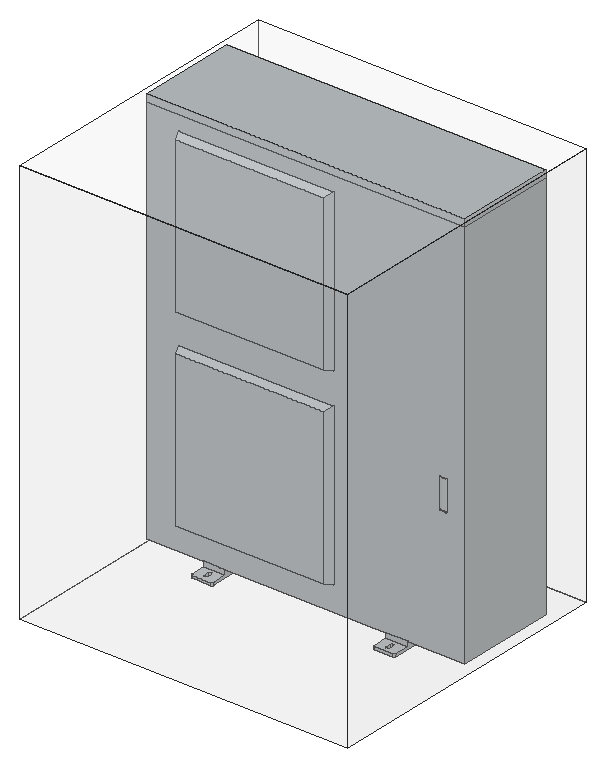
Revit family "puz-zrmp80hka16_280ka6_60hz", category 機械設備, Revit 2023 (continued)
Definition of nested family "PUZ-EZRMP-3"
  Dimensions and locks
    aligned and locked: Extrusion 2 to plane 25
    aligned and locked: plane 12 to Extrusion 2
    aligned and locked: Extrusion 3 sketch curve to Extrusion 2  (x4)
    aligned and locked: Extrusion 3 to plane 12
    aligned and locked: plane 4 to Extrusion 3
    aligned and locked: Blend 4 sketch curve to plane 43
    aligned and locked: Blend 4 sketch curve to plane 44
    aligned and locked: Blend 4 sketch curve to plane 42
    aligned and locked: Blend 4 sketch curve to plane 41
    aligned and locked: Blend 4 sketch curve to plane 47
    aligned and locked: Blend 4 sketch curve to plane 45
    aligned and locked: Blend 4 sketch curve to plane 46
    aligned and locked: Blend 4 sketch curve to plane 48
    aligned and locked: Blend 4 to plane 8
    aligned and locked: plane 38 to Blend 4
    aligned and locked: curve 17 to plane 49
    aligned and locked: curve 1 to plane 49
    aligned and locked: plane 49 to curve 19
    aligned and locked: curve 18 to plane 50
    aligned and locked: plane 50 to curve 2
    aligned and locked: plane 50 to curve 20
    aligned and locked: plane 57 to Extrusion 5 sketch curve
    aligned and locked: plane 53 to Extrusion 5 sketch curve
    aligned and locked: plane 58 to Extrusion 6 sketch curve
    aligned and locked: plane 56 to Extrusion 6 sketch curve
    aligned and locked: plane 61 to Extrusion 7 sketch curve
    aligned and locked: plane 54 to Extrusion 7 sketch curve
    aligned and locked: plane 55 to Extrusion 7
    aligned and locked: Extrusion 7 to plane 62
    aligned and locked: plane 64 to Extrusion 6
    aligned and locked: plane 63 to Extrusion 5
    aligned and locked: Extrusion 6 to plane 60
    aligned and locked: Extrusion 5 to plane 59
    aligned and locked: plane 66 to Extrusion 8 sketch curve
    aligned and locked: plane 65 to Extrusion 8 sketch curve
    aligned and locked: Extrusion 8 to plane 60
    aligned and locked: plane 64 to Extrusion 8
    aligned and locked: Blend 9 sketch curve to plane 71
    aligned and locked: Blend 9 sketch curve to plane 72
    aligned and locked: Blend 9 sketch curve to plane 42
    aligned and locked: Blend 9 sketch curve to plane 41
    aligned and locked: plane 45 to Blend 9 sketch curve
    aligned and locked: Blend 9 sketch curve to plane 46
    aligned and locked: Blend 9 sketch curve to plane 73
    aligned and locked: plane 74 to Blend 9 sketch curve
    aligned and locked: Blend 9 to plane 8
    aligned and locked: plane 38 to Blend 9
    aligned and locked: plane 22 to Extrusion 10 sketch curve
    aligned and locked: plane 21 to Extrusion 10 sketch curve
    aligned and locked: Extrusion 10 sketch curve to Extrusion 1  (x4)
    aligned and locked: Extrusion 10 sketch curve to plane 23
    aligned and locked: Extrusion 10 sketch curve to plane 20
    aligned and locked: plane 24 to Extrusion 10
    aligned and locked: Extrusion 10 to level
    aligned and locked: plane 25 to Extrusion 11
    aligned and locked: Extrusion 11 to plane 26
    aligned and locked: Masking region 1 sketch curve to Extrusion 3  (x4)
    aligned and locked: Masking region 1 sketch curve to cut or joined group of Extrusion 1, Extrusion 10  (x8)
    aligned and locked: Masking region 1 sketch curve to Blend 9  (x3)
    aligned and locked: plane 51 to Extrusion 11 sketch curve
    aligned and locked: plane 52 to Extrusion 11 sketch curve
    aligned and locked: plane 76 to Extrusion 11 sketch curve
    aligned and locked: plane 77 to Extrusion 11 sketch curve
    aligned and locked: plane 78 to Extrusion 11 sketch curve
    aligned and locked: plane 79 to Extrusion 11 sketch curve
    aligned and locked: plane 75 to Extrusion 11 sketch curve  (x4)
  Automatic sketch dimensions
    plane 7 to Extrusion 1 sketch curve = 0 mm  (x2)
    Extrusion 1 sketch curve to plane 18 = 0 mm
    plane 8 to Extrusion 1 sketch curve = 0 mm  (x2)
    Extrusion 1 sketch curve to plane 19 = 0 mm
    Extrusion 1 sketch curve to plane 20 = 0 mm
    Extrusion 1 sketch curve to plane 21 = 0 mm
    curve 187 to curve 188 = 40 mm
    curve 186 to curve 190 = 13.333 mm
    curve 190 to curve 190 = 40 mm
    curve 186 to curve 193 = 0 mm
    curve 186 to curve 188 = 40 mm
    curve 188 to curve 191 = 0 mm
    curve 179 to curve 180 = 40 mm
    curve 178 to curve 182 = 120 mm
    curve 182 to curve 182 = 40 mm
    curve 178 to curve 185 = 0 mm
    curve 178 to curve 180 = 40 mm
    curve 182 to curve 183 = 40 mm
    curve 25 to plane 45 = 0 mm
    curve 24 to plane 45 = 0 mm
    curve 22 to plane 45 = 0 mm
    curve 23 to plane 45 = 0 mm
    curve 26 to plane 45 = 0 mm
    curve 21 to plane 45 = 0 mm
    curve 24 to plane 46 = 0 mm
    curve 25 to plane 46 = 0 mm
    curve 26 to plane 46 = 0 mm
    curve 23 to plane 46 = 0 mm
    curve 22 to plane 46 = 0 mm
    curve 21 to plane 46 = 0 mm
    curve 37 to plane 48 = 0 mm
    curve 52 to plane 48 = 0 mm
    curve 51 to plane 48 = 0 mm
    curve 50 to plane 48 = 0 mm
    curve 49 to plane 48 = 0 mm
    curve 48 to plane 48 = 0 mm
    curve 47 to plane 48 = 0 mm
    curve 46 to plane 48 = 0 mm
    curve 45 to plane 48 = 0 mm
    curve 44 to plane 48 = 0 mm
    curve 43 to plane 48 = 0 mm
    curve 42 to plane 48 = 0 mm
    curve 41 to plane 48 = 0 mm
    curve 27 to plane 48 = 0 mm
    curve 28 to plane 48 = 0 mm
    curve 40 to plane 48 = 0 mm
    curve 39 to plane 48 = 0 mm
    curve 29 to plane 48 = 0 mm
    curve 38 to plane 48 = 0 mm
    curve 30 to plane 48 = 0 mm
    curve 53 to plane 48 = 0 mm
    curve 31 to plane 48 = 0 mm
    curve 36 to plane 48 = 0 mm
    curve 32 to plane 48 = 0 mm
    curve 35 to plane 48 = 0 mm
    curve 33 to plane 48 = 0 mm
    curve 34 to plane 48 = 0 mm
    curve 28 to plane 47 = 0 mm
    curve 41 to plane 47 = 0 mm
    curve 27 to plane 47 = 0 mm
    curve 42 to plane 47 = 0 mm
    curve 31 to plane 47 = 0 mm
    curve 40 to plane 47 = 0 mm
    curve 37 to plane 47 = 0 mm
    curve 39 to plane 47 = 0 mm
    curve 32 to plane 47 = 0 mm
    curve 45 to plane 47 = 0 mm
    curve 36 to plane 47 = 0 mm
    curve 46 to plane 47 = 0 mm
    curve 43 to plane 47 = 0 mm
    curve 47 to plane 47 = 0 mm
    curve 29 to plane 47 = 0 mm
    curve 48 to plane 47 = 0 mm
    curve 30 to plane 47 = 0 mm
    curve 49 to plane 47 = 0 mm
    curve 44 to plane 47 = 0 mm
    curve 50 to plane 47 = 0 mm
    curve 33 to plane 47 = 0 mm
    curve 51 to plane 47 = 0 mm
    curve 35 to plane 47 = 0 mm
    curve 52 to plane 47 = 0 mm
    curve 38 to plane 47 = 0 mm
    curve 53 to plane 47 = 0 mm
    curve 34 to plane 47 = 0 mm
    plane 13 to curve 304 = 138 mm
    curve 304 to plane 46 = 0 mm
    curve 307 to plane 45 = 0 mm
    curve 306 to plane 45 = 0 mm
    curve 303 to plane 45 = 0 mm
    curve 308 to plane 45 = 0 mm
    curve 303 to plane 46 = 0 mm
    curve 306 to plane 46 = 0 mm
    curve 307 to plane 46 = 0 mm
    curve 308 to plane 46 = 0 mm
    curve 309 to plane 45 = 0 mm
    curve 309 to plane 46 = 0 mm
    curve 305 to plane 74 = 0 mm
    curve 305 to plane 73 = 0 mm
    curve 310 to plane 74 = 0 mm
    curve 310 to plane 73 = 0 mm
    curve 311 to plane 73 = 0 mm
    curve 311 to plane 74 = 0 mm
    curve 312 to plane 74 = 0 mm
    curve 312 to plane 73 = 0 mm
    curve 313 to plane 74 = 0 mm
    curve 313 to plane 73 = 0 mm
    curve 314 to plane 73 = 0 mm
    curve 314 to plane 74 = 0 mm
    curve 315 to plane 74 = 0 mm
    curve 315 to plane 73 = 0 mm
    curve 316 to plane 73 = 0 mm
    curve 316 to plane 74 = 0 mm
    curve 317 to plane 74 = 0 mm
    curve 317 to plane 73 = 0 mm
    curve 318 to plane 74 = 0 mm
    curve 318 to plane 73 = 0 mm
    curve 319 to plane 74 = 0 mm
    curve 319 to plane 73 = 0 mm
    curve 320 to plane 74 = 0 mm
    curve 320 to plane 73 = 0 mm
    curve 321 to plane 74 = 0 mm
    curve 321 to plane 73 = 0 mm
    curve 322 to plane 73 = 0 mm
    curve 322 to plane 74 = 0 mm
    curve 323 to plane 73 = 0 mm
    curve 323 to plane 74 = 0 mm
    curve 324 to plane 73 = 0 mm
    curve 324 to plane 74 = 0 mm
    curve 325 to plane 74 = 0 mm
    curve 325 to plane 73 = 0 mm
    curve 326 to plane 74 = 0 mm
    curve 326 to plane 73 = 0 mm
    curve 327 to plane 74 = 0 mm
    curve 327 to plane 73 = 0 mm
    curve 328 to plane 74 = 0 mm
    curve 328 to plane 73 = 0 mm
    curve 329 to plane 74 = 0 mm
    curve 329 to plane 73 = 0 mm
    curve 330 to plane 74 = 0 mm
    curve 330 to plane 73 = 0 mm
    curve 331 to plane 74 = 0 mm
    curve 331 to plane 73 = 0 mm
    curve 332 to plane 73 = 0 mm
    curve 332 to plane 74 = 0 mm
    curve 333 to plane 74 = 0 mm
    curve 333 to plane 73 = 0 mm
    curve 334 to plane 73 = 0 mm
    curve 334 to plane 74 = 0 mm
    curve 335 to plane 74 = 0 mm
    curve 335 to plane 73 = 0 mm
    Extrusion 10 sketch curve to plane 18 = 0 mm  (x2)
    plane 8 to Extrusion 10 sketch curve = 0 mm
    plane 23 to Extrusion 10 sketch curve = 0 mm
    plane 22 to Extrusion 10 sketch curve = 0 mm  (x3)
    plane 16 to Extrusion 10 sketch curve = 0 mm  (x3)
    plane 17 to Extrusion 10 sketch curve = 0 mm  (x3)
    Extrusion 10 sketch curve to plane 15 = 0 mm  (x2)
    Extrusion 10 sketch curve to plane 19 = 0 mm  (x2)
    Extrusion 10 sketch curve to plane 14 = 0 mm  (x2)
    plane 7 to Extrusion 10 sketch curve = 0 mm
    Extrusion 10 sketch curve to plane 18 = 5 mm
    plane 15 to Extrusion 10 sketch curve = 6 mm  (x2)
    plane 19 to Extrusion 10 sketch curve = 5 mm
    Extrusion 10 sketch curve to plane 20 = 5 mm
    plane 14 to Extrusion 10 sketch curve = 6 mm  (x2)
    plane 21 to Extrusion 10 sketch curve = 5 mm
    plane 38 to Extrusion 10 sketch curve = 10 mm  (x2)
    plane 19 to Masking region 1 sketch curve = 0 mm
    plane 21 to Masking region 1 sketch curve = 0 mm
    plane 7 to Masking region 1 sketch curve = 0 mm  (x2)
    Masking region 1 sketch curve to plane 20 = 0 mm
    Masking region 1 sketch curve to plane 18 = 0 mm
    plane 8 to Masking region 1 sketch curve = 0 mm  (x2)
    plane 38 to Masking region 1 sketch curve = 0 mm
    curve 352 to plane 6 = 0 mm
    plane 7 to curve 352 = 0 mm
    curve 353 to plane 18 = 0 mm
    curve 348 to plane 18 = 0 mm
    plane 8 to curve 346 = 0 mm
    curve 354 to plane 19 = 0 mm
    curve 347 to plane 19 = 0 mm
    curve 345 to plane 41 = 0 mm
    plane 38 to curve 344 = 0 mm
    curve 344 to plane 46 = 0 mm
    curve 357 to plane 20 = 0 mm
    curve 343 to plane 20 = 0 mm
    curve 358 to plane 21 = 0 mm
    curve 341 to plane 21 = 0 mm
    curve 339 to plane 45 = 0 mm
    curve 339 to plane 42 = 0 mm
    curve 337 to plane 5 = 0 mm
    plane 22 to curve 354 = 0 mm
    plane 22 to curve 358 = 0 mm
    plane 23 to curve 342 = 0 mm
    plane 23 to curve 347 = 0 mm
    curve 11 to plane 65 = 6 mm
    plane 18 to curve 352 = 28.157 mm
    plane 15 to curve 346 = 0.043 mm
    plane 21 to curve 338 = 11.963 mm
    curve 336 to plane 21 = 9.073 mm
    curve 344 to plane 21 = 22.105 mm
    plane 28 to curve 3 = 5 mm
    curve 3 to plane 45 = 38 mm
    curve 1 to plane 45 = 38 mm
    curve 3 to curve 5 = 0 mm
    curve 4 to plane 29 = 5 mm
    curve 372 to plane 65 = 6 mm
    plane 65 to curve 376 = 9 mm
    curve 12 to plane 65 = 6 mm
    curve 20 to plane 53 = 4 mm
    curve 2 to curve 16 = 15 mm
    plane 51 to curve 15 = 5 mm
Definition of nested family "固定点"
  Parameters (values of type "固定点")
    Default Elevation = 0 mm
    中心円 = if(W > 599 mm, 12 mm, 10 mm)  # 12 mm
    W = 1000 mm
    D = 1000 mm
  Reference planes
    plane 1 "中心(正面/背面)": y = 0
    plane 2: z = 0
    plane 3 "中心(左/右)": x = 0
    plane 4: x = 1000
    plane 5: y = 1000
  Lines and regions (mm)
    symbolic lines, detail levels fine
      curve 1: circle (0, 1000, 0) r 6 normal (0, 0, 1)
      curve 2: circle (0, 0, 0) r 6 normal (0, 0, 1)
      curve 3: circle (1000, 1000, 0) r 6 normal (0, 0, 1)
      curve 4: circle (1000, 0, 0) r 6 normal (0, 0, 1)
      curve 5: line (-200, 1000, 0) -> (1200, 1000, 0)
      curve 6: line (-200, 0, 0) -> (1200, 0, 0)
      curve 7: line (0, 1200, 0) -> (0, -200, 0)
      curve 8: line (1000, 1200, 0) -> (1000, -200, 0)
  Dimensions and locks
    "W": plane 3 "中心(左/右)" to plane 4
    "D": plane 1 "中心(正面/背面)" to plane 5
    "中心円": diameter of curve 1
    "中心円": diameter of curve 2
    "中心円": diameter of curve 3
    "中心円": diameter of curve 4
    aligned and locked: level to plane 2
    aligned and locked: plane 5 to curve 1
    aligned and locked: plane 3 "中心(左/右)" to curve 1
    aligned and locked: plane 3 "中心(左/右)" to curve 2
    aligned and locked: plane 1 "中心(正面/背面)" to curve 2
    aligned and locked: plane 4 to curve 3
    aligned and locked: plane 5 to curve 3
    aligned and locked: plane 1 "中心(正面/背面)" to curve 4
    aligned and locked: plane 4 to curve 4
    aligned and locked: plane 1 "中心(正面/背面)" to curve 6
    aligned and locked: curve 7 to plane 3 "中心(左/右)"
    aligned and locked: curve 8 to plane 4
  Automatic sketch dimensions
    curve 5 to plane 5 = 0 mm
    curve 6 to plane 3 "中心(左/右)" = 200 mm
    curve 5 to plane 3 "中心(左/右)" = 200 mm
    curve 4 to curve 6 = 200 mm
    curve 3 to curve 5 = 200 mm
    plane 1 "中心(正面/背面)" to curve 8 = 200 mm
    plane 1 "中心(正面/背面)" to curve 7 = 200 mm
    curve 3 to curve 8 = 200 mm
    curve 1 to curve 7 = 200 mm
Types (21, lengths in mm): name | 風量_冷房 (㎥/min) | 風量 | 音響パワーレベル_冷房 (dB) | 音響パワーレベル_暖房 (dB) | 音響パワーレベル(dB) | 電源位置Z | 電源位置X | 電動機出力_送風機 | 電動機出力_圧縮機 | 質量 | 製品質量 | 相 | 発停方法 | 消費電力_暖房 | 消費電力_冷房 | 消費電力 | 本体マテリアル | 最小電線太さ_mm2 | 暖房能力 | 推奨ブレーカー容量 | 形名 | ドレン　位置Y | ドレン　位置X | 冷房能力 | 冷媒管（ガス）位置X | 冷媒管（液）位置X | 冷媒管（ガス）位置Y | 冷媒管径符号 | 冷媒管位置Z | 冷媒管位置Y | 冷媒管位置X | 冷媒液管径 | 冷媒ガス管径 | モデル | Width | URL | Height | Clearance Right | Clearance Left | Clearance Front | Clearance Back
  PUZ-ZRMP80HA16 | 55 | 3300.0 m³/h | 66 | 68 | 68 | 669 | 275 | 0.06 kW | 1.6 kW | 79.20 kg | 66.00 kg | 3 | "別売リモコン" | 2.22 kW | 1.93 kW | 2.22 kW | Galvanized steel plate | 3.5 | 8 kW | 20 A | PUZ-EZRMP-2 : PUZ-EZRMP-2-2 | 111 | 30 | 7.1 kW | 434 | 377 | 269 | "Bd" | 447 | 279.5 | 405.5 | 9.52 | 15.88 | "PUZ-ZRMP80HA16" | 950 | "https://www.mitsubishielectric.co.jp/ldg/wink/qr/002/364673" | 943 | 10 | 10 | 500 | 100
  PUZ-ZRMP80SHA16 | 55 | 3300.0 m³/h | 66 | 68 | 68 | 669 | 275 | 0.06 kW | 1.6 kW | 84.00 kg | 70.00 kg | 1 | "別売リモコン" | 2.34 kW | 1.98 kW | 2.34 kW | none | 3.5 | 8 kW | 30 A | PUZ-EZRMP-2 : PUZ-EZRMP-2-2 | 111 | 30 | 7.1 kW | 434 | 377 | 229 | "Bd" | 447 | 259.5 | 405.5 | 9.52 | 15.88 | "PUZ-ZRMP80SHA16" | 950 | "https://www.mitsubishielectric.co.jp/ldg/wink/qr/002/364674" | 943 | 10 | 10 | 500 | 100
  PUZ-ZRMP112KA16 | 100 | 6000.0 m³/h | 68 | 70 | 70 | 1063 | 325 | 0.12 kW | 2.1 kW | 120.00 kg | 100.00 kg | 3 | "別売リモコン" | 2.67 kW | 2.43 kW | 2.67 kW | Galvanized steel plate | 5.5 | 11.2 kW | 30 A | PUZ-EZRMP-3 : PUZ-EZRMP3-1 | 176 | 45 | 10 kW | 483 | 423 | 274 | "Bd" | 450 | 282 | 453 | 9.52 | 15.88 | "PUZ-ZRMP112KA16" | 1050 | "https://www.mitsubishielectric.co.jp/ldg/wink/qr/002/364679" | 1338 | 15 | 15 | 500 | 150
  PUZ-ZRMP140KA16 | 100 | 6000.0 m³/h | 68 | 71 | 71 | 1063 | 325 | 0.12 kW | 2.8 kW | 120.00 kg | 100.00 kg | 3 | "付属スイッチ" | 3.72 kW | 3.61 kW | 3.72 kW | none | 5.5 | 14 kW | 30 A | PUZ-EZRMP-3 : PUZ-EZRMP3-1 | 176 | 45 | 12.5 kW | 483 | 423 | 274 | "Bd" | 450 | 282 | 453 | 9.52 | 15.88 | "PUZ-ZRMP140KA16" | 1050 | "https://www.mitsubishielectric.co.jp/ldg/wink/qr/002/364681" | 1338 | 15 | 15 | 500 | 150
  PUZ-ZRMP160KA16 | 100 | 6000.0 m³/h | 70 | 73 | 73 | 1063 | 325 | 0.12 kW | 3.3 kW | 120.00 kg | 100.00 kg | 3 | "別売リモコン" | 4.5 kW | 4.6 kW | 4.6 kW | none | 5.5 | 16 kW | 30 A | PUZ-EZRMP-3 : PUZ-EZRMP3-1 | 176 | 45 | 14 kW | 483 | 423 | 274 | "Bd" | 450 | 282 | 453 | 9.52 | 15.88 | "PUZ-ZRMP160KA16" | 1050 | "https://www.mitsubishielectric.co.jp/ldg/wink/qr/002/364684" | 1338 | 15 | 15 | 500 | 150
  PUZ-ZRMP224KA6 | 130 | 7800.0 m³/h | 79 | 81 | 81 | 1063 | 325 | 0.3 kW | 4.6 kW | 156.00 kg | 130.00 kg | 3 | "別売リモコン" | 5.66 kW | 6.07 kW | 6.07 kW | none | 8 | 22.4 kW | 40 A | PUZ-EZRMP-3 : PUZ-EZRMP3-2 | 176 | 45 | 20 kW | 479 | 423 | 276 | "Bg" | 450 | 283 | 451 | 9.52 | 25.4 | "PUZ-ZRMP224KA6" | 1050 | "https://www.mitsubishielectric.co.jp/ldg/wink/qr/002/364567" | 1338 | 15 | 15 | 1000 | 150
  PUZ-ZRMP280KA6 | 140 | 8400.0 m³/h | 79 | 81 | 81 | 1063 | 325 | 0.4 kW | 5.7 kW | 160.80 kg | 134.00 kg | 3 | "別売リモコン" | 8.14 kW | 9.2 kW | 9.2 kW | none | 14 | 28 kW | 50 A | PUZ-EZRMP-3 : PUZ-EZRMP3-3 | 176 | 45 | 25 kW | 479 | 423 | 276 | "Cg" | 424 | 283 | 451 | 12.7 | 25.4 | "PUZ-ZRMP280KA6" | 1050 | "https://www.mitsubishielectric.co.jp/ldg/wink/qr/002/364570" | 1338 | 15 | 15 | 1000 | 150
  PUZ-ZRMP80SHA16-BS | 55 | 3300.0 m³/h | 66 | 68 | 68 | 669 | 275 | 0.06 kW | 1.6 kW | 84.00 kg | 70.00 kg | 1 | "別売リモコン" | 2.34 kW | 1.98 kW | 2.34 kW | none | 3.5 | 8 kW | 30 A | PUZ-EZRMP-2 : PUZ-EZRMP-2-2 | 111 | 30 | 7.1 kW | 434 | 377 | 229 | "Bd" | 447 | 259.5 | 405.5 | 9.52 | 15.88 | "PUZ-ZRMP80SHA16-BS" | 950 | "https://www.mitsubishielectric.co.jp/ldg/wink/qr/002/364677" | 943 | 10 | 10 | 500 | 100
  PUZ-ZRMP80SHA16-BSG | 55 | 3300.0 m³/h | 66 | 68 | 68 | 669 | 275 | 0.06 kW | 1.6 kW | 84.00 kg | 70.00 kg | 1 | "別売リモコン" | 2.34 kW | 1.98 kW | 2.34 kW | none | 3.5 | 8 kW | 30 A | PUZ-EZRMP-2 : PUZ-EZRMP-2-2 | 111 | 30 | 7.1 kW | 434 | 377 | 229 | "Bd" | 447 | 259.5 | 405.5 | 9.52 | 15.88 | "PUZ-ZRMP80SHA16-BSG" | 950 | "https://www.mitsubishielectric.co.jp/ldg/wink/qr/002/364678" | 943 | 10 | 10 | 500 | 100
  PUZ-ZRMP80HA16-BS | 55 | 3300.0 m³/h | 66 | 68 | 68 | 669 | 275 | 0.06 kW | 1.6 kW | 79.20 kg | 66.00 kg | 3 | "別売リモコン" | 2.22 kW | 1.93 kW | 2.22 kW | none | 3.5 | 8 kW | 20 A | PUZ-EZRMP-2 : PUZ-EZRMP-2-2 | 111 | 30 | 7.1 kW | 434 | 377 | 269 | "Bd" | 447 | 279.5 | 405.5 | 9.52 | 15.88 | "PUZ-ZRMP80HA16-BS" | 950 | "https://www.mitsubishielectric.co.jp/ldg/wink/qr/002/364675" | 943 | 10 | 10 | 500 | 100
  PUZ-ZRMP80HA16-BSG | 55 | 3300.0 m³/h | 66 | 68 | 68 | 669 | 275 | 0.06 kW | 1.6 kW | 79.20 kg | 66.00 kg | 3 | "別売リモコン" | 2.22 kW | 1.93 kW | 2.22 kW | none | 3.5 | 8 kW | 20 A | PUZ-EZRMP-2 : PUZ-EZRMP-2-2 | 111 | 30 | 7.1 kW | 434 | 377 | 269 | "Bd" | 447 | 279.5 | 405.5 | 9.52 | 15.88 | "PUZ-ZRMP80HA16-BSG" | 950 | "https://www.mitsubishielectric.co.jp/ldg/wink/qr/002/364676" | 943 | 10 | 10 | 500 | 100
  PUZ-ZRMP280KA6-BS | 140 | 8400.0 m³/h | 79 | 81 | 81 | 1063 | 325 | 0.4 kW | 5.7 kW | 160.80 kg | 134.00 kg | 3 | "別売リモコン" | 8.14 kW | 9.2 kW | 9.2 kW | none | 14 | 28 kW | 50 A | PUZ-EZRMP-3 : PUZ-EZRMP3-3 | 176 | 45 | 25 kW | 479 | 423 | 276 | "Cg" | 424 | 283 | 451 | 12.7 | 25.4 | "PUZ-ZRMP280KA6-BS" | 1050 | "https://www.mitsubishielectric.co.jp/ldg/wink/qr/002/364571" | 1338 | 15 | 15 | 1000 | 150
  PUZ-ZRMP280KA6-BSG | 140 | 8400.0 m³/h | 79 | 81 | 81 | 1063 | 325 | 0.4 kW | 5.7 kW | 160.80 kg | 134.00 kg | 3 | "別売リモコン" | 8.14 kW | 9.2 kW | 9.2 kW | none | 14 | 28 kW | 50 A | PUZ-EZRMP-3 : PUZ-EZRMP3-3 | 176 | 45 | 25 kW | 479 | 423 | 276 | "Cg" | 424 | 283 | 451 | 12.7 | 25.4 | "PUZ-ZRMP280KA6-BSG" | 1050 | "https://www.mitsubishielectric.co.jp/ldg/wink/qr/002/364572" | 1338 | 15 | 15 | 1000 | 150
  PUZ-ZRMP224KA6-BS | 130 | 7800.0 m³/h | 79 | 81 | 81 | 1063 | 325 | 0.3 kW | 4.6 kW | 156.00 kg | 130.00 kg | 3 | "別売リモコン" | 5.66 kW | 6.07 kW | 6.07 kW | none | 8 | 22.4 kW | 40 A | PUZ-EZRMP-3 : PUZ-EZRMP3-2 | 176 | 45 | 20 kW | 479 | 423 | 276 | "Bg" | 450 | 283 | 451 | 9.52 | 25.4 | "PUZ-ZRMP224KA6-BS" | 1050 | "https://www.mitsubishielectric.co.jp/ldg/wink/qr/002/364568" | 1338 | 15 | 15 | 1000 | 150
  PUZ-ZRMP224KA6-BSG | 130 | 7800.0 m³/h | 79 | 81 | 81 | 1063 | 325 | 0.3 kW | 4.6 kW | 156.00 kg | 130.00 kg | 3 | "別売リモコン" | 5.66 kW | 6.07 kW | 6.07 kW | none | 8 | 22.4 kW | 40 A | PUZ-EZRMP-3 : PUZ-EZRMP3-2 | 176 | 45 | 20 kW | 479 | 423 | 276 | "Bg" | 450 | 283 | 451 | 9.52 | 25.4 | "PUZ-ZRMP224KA6-BSG" | 1050 | "https://www.mitsubishielectric.co.jp/ldg/wink/qr/002/364569" | 1338 | 15 | 15 | 1000 | 150
  PUZ-ZRMP160KA16-BS | 100 | 6000.0 m³/h | 70 | 73 | 73 | 1063 | 325 | 0.12 kW | 3.3 kW | 120.00 kg | 100.00 kg | 3 | "別売リモコン" | 4.5 kW | 4.6 kW | 4.6 kW | none | 5.5 | 16 kW | 30 A | PUZ-EZRMP-3 : PUZ-EZRMP3-1 | 176 | 45 | 14 kW | 483 | 423 | 274 | "Bd" | 450 | 282 | 453 | 9.52 | 15.88 | "PUZ-ZRMP160KA16-BS" | 1050 | "https://www.mitsubishielectric.co.jp/ldg/wink/qr/002/364685" | 1338 | 15 | 15 | 500 | 150
  PUZ-ZRMP160KA16-BSG | 100 | 6000.0 m³/h | 70 | 73 | 73 | 1063 | 325 | 0.12 kW | 3.3 kW | 120.00 kg | 100.00 kg | 3 | "別売リモコン" | 4.5 kW | 4.6 kW | 4.6 kW | none | 5.5 | 16 kW | 30 A | PUZ-EZRMP-3 : PUZ-EZRMP3-1 | 176 | 45 | 14 kW | 483 | 423 | 274 | "Bd" | 450 | 282 | 453 | 9.52 | 15.88 | "PUZ-ZRMP160KA16-BSG" | 1050 | "https://www.mitsubishielectric.co.jp/ldg/wink/qr/002/364566" | 1338 | 15 | 15 | 500 | 150
  PUZ-ZRMP140KA16-BS | 100 | 6000.0 m³/h | 68 | 71 | 71 | 1063 | 325 | 0.12 kW | 2.8 kW | 120.00 kg | 100.00 kg | 3 | "別売リモコン" | 3.72 kW | 3.61 kW | 3.72 kW | none | 5.5 | 14 kW | 30 A | PUZ-EZRMP-3 : PUZ-EZRMP3-1 | 176 | 45 | 12.5 kW | 483 | 423 | 274 | "Bd" | 450 | 282 | 453 | 9.52 | 15.88 | "PUZ-ZRMP140KA16-BS" | 1050 | "https://www.mitsubishielectric.co.jp/ldg/wink/qr/002/364682" | 1338 | 15 | 15 | 500 | 150
  PUZ-ZRMP140KA16-BSG | 100 | 6000.0 m³/h | 68 | 71 | 71 | 1063 | 325 | 0.12 kW | 2.8 kW | 120.00 kg | 100.00 kg | 3 | "別売リモコン" | 3.72 kW | 3.61 kW | 3.72 kW | none | 5.5 | 14 kW | 30 A | PUZ-EZRMP-3 : PUZ-EZRMP3-1 | 176 | 45 | 12.5 kW | 483 | 423 | 274 | "Bd" | 450 | 282 | 453 | 9.52 | 15.88 | "PUZ-ZRMP140KA16-BSG" | 1050 | "https://www.mitsubishielectric.co.jp/ldg/wink/qr/002/364683" | 1338 | 15 | 15 | 500 | 150
  PUZ-ZRMP112KA16-BS | 100 | 6000.0 m³/h | 68 | 70 | 70 | 1063 | 325 | 0.12 kW | 2.1 kW | 120.00 kg | 100.00 kg | 3 | "別売リモコン" | 2.67 kW | 2.43 kW | 2.67 kW | none | 5.5 | 11.2 kW | 30 A | PUZ-EZRMP-3 : PUZ-EZRMP3-1 | 176 | 45 | 10 kW | 483 | 423 | 274 | "Bd" | 450 | 282 | 453 | 9.52 | 15.88 | "PUZ-ZRMP112KA16-BS" | 1050 | "https://www.mitsubishielectric.co.jp/ldg/wink/qr/002/364706" | 1338 | 15 | 15 | 500 | 150
  PUZ-ZRMP112KA16-BSG | 100 | 6000.0 m³/h | 68 | 70 | 70 | 1063 | 325 | 0.12 kW | 2.1 kW | 120.00 kg | 100.00 kg | 3 | "別売リモコン" | 2.67 kW | 2.43 kW | 2.67 kW | none | 5.5 | 11.2 kW | 30 A | PUZ-EZRMP-3 : PUZ-EZRMP3-1 | 176 | 45 | 10 kW | 483 | 423 | 274 | "Bd" | 450 | 282 | 453 | 9.52 | 15.88 | "PUZ-ZRMP112KA16-BSG" | 1050 | "https://www.mitsubishielectric.co.jp/ldg/wink/qr/002/364680" | 1338 | 15 | 15 | 500 | 150
